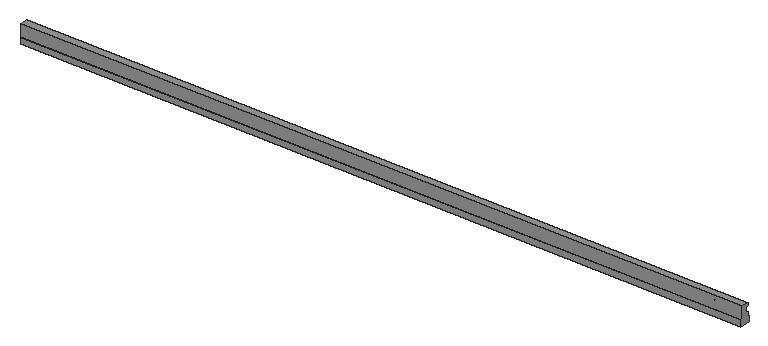
Revit family "KKDC_Flexible_KURV-Y_LEDmix_2100K+5000K_1004mm", category 조명 설비, Revit 2024
Family settings
  원형 커넥터 치수 = 지름 사용
  부품 유형 = 배선함
  OmniClass 번호 = 23.80.70.00
  OmniClass 제목 = Lighting
  작업 기준면 기반 = 예
  항상 수직 = 예
  로드될 때 보이드를 사용하여 절단 = 아니오
  광원 = 예
  주석 방향 유지 = 아니오
  공유 = 아니오
  룸 계산 점 = 아니오
Parameters (values of type "KURV-Y kR909 2700K 1004mm")
  측광 웹 파일 = "KURV-Y 1004mm.ies"
  Emit from Rectangle Width = 12 mm
  직사각형 길이에서 발산 = 1004 mm
  와티지 해설 = "15.6W/m"
  Wattage = 15.6 W
  built-in parameter 1150110 = 1 (stored number, unit not read)
  built-in parameter 1114217 = 1 (stored number, unit not read)
  built-in parameter 1150109 = 1 (stored number, unit not read)
  built-in parameter 1150134 = (empty or 0)
  built-in parameter 1150113 = 1 (stored number, unit not read)
  Emit Shape Visible in Rendering = yes
  Lamp = ""
  기본 높이 = 1219.2 mm
  Lumens = 483.6 lm
  built-in parameter 1150115 = 1 (stored number, unit not read)
  built-in parameter 1150105 = 38.484 (stored number, unit not read)
  built-in parameter 1150137 = (empty or 0)
  built-in parameter 1150139 = (empty or 0)
  built-in parameter 1150112 = 1 (stored number, unit not read)
  built-in parameter 1150114 = 1 (stored number, unit not read)
  built-in parameter 1150132 = (empty or 0)
  built-in parameter 1150102 = (empty or 0)
  built-in parameter 1150138 = (empty or 0)
  built-in parameter 1150107 = 3000 (stored number, unit not read)
  built-in parameter 1150106 = 0.38484 (stored number, unit not read)
  built-in parameter 1150104 = 2.88 (stored number, unit not read)
  Tilt Angle = 90.00°
  Dimming Lamp Color Temperature Shift = (empty or 0)
  Color Filter = 16777215
  직사각형 폭에서 발산 = 304.8 mm
  built-in parameter 1150133 = 10 (stored number, unit not read)
Reference planes
  plane 1 "광원 축(F/B)": y = 0
  plane 2: z = 0
  plane 3 "광원 축(L/R)": x = 0
  plane 4 "광원 입면도": z = 0
  plane 5 "Height": z = 25
Forms (mm)
  Extrusion 1, solid, material "PMC, 플렉시블"
    sketch origin (0, 0, 0) x (0, 1, 0) y (0, 0, 1)
      loop
        line (-6.5, 0) -> (6.5, 0) -> (6.5, 8.216) -> (5.5, 8.216) -> (5.5, 13.214) -> (2.75, 15) -> (2.75, 18.974) -> (5, 20.732) -> (5, 25) -> (-5.5, 25) -> (-5.5, 8.216) -> (-6.5, 8.216) -> (-6.5, 0)
    from -502 to 502
Dimensions and locks
  aligned and locked: plane 3 "광원 축(L/R)" to imposter light
  aligned and locked: plane 1 "광원 축(F/B)" to imposter light
  aligned and locked: plane 4 "광원 입면도" to imposter light
  aligned and locked: level to plane 2
